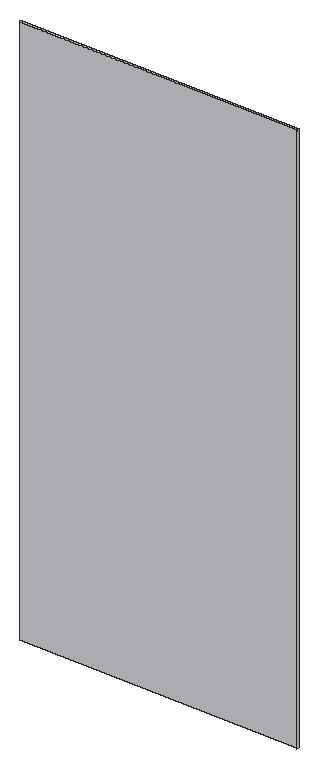
Revit family "easypanel", category Generic Models, Revit 2015
Parameters (values of type "Length=2400")
  vis.Rebateddado [instance] = and(Show Dado, Select EasyDado_Rebated)  # no
  vis.Flatdado [instance] = and(Show Dado, Select EasyDado_Flat)  # no
  easypanel_Material = none
  URL = "http://www.easycraft.com.au/products/11/easypanel"
  Show Dado [instance] = no
  Select EasyDado_Rebated [instance] = not(Select EasyDado_Flat)  # yes
  Select EasyDado_Flat [instance] = no
  Model = "easypanel"  # constant formula
  Manufacturer = "Easycraft Australia Pty Ltd ph 07 3906 7200"  # constant formula
  Length_panel = 2400 mm
  Description = "SMOOTH"  # constant formula
  Assembly Code = "EP0924"
Types (3, lengths in mm): name | Length_panel | Assembly Code
  Length=2400 | 2400 | "EP0924"
  Length=3000 | 3000 | "EP0930"
  Length=3600 | 3600 | "EP0936"
Reference planes
  plane 1 "Center (Front/Back)": y = 0
  plane 2: z = 0
  plane 3 "Center (Left/Right)": x = 0
  plane 4 "Panel_top": z = 2400
Forms (mm)
  Sweep 1, solid, material <- "easypanel_Material"
    path origin (0, 0, 0) x (-1, 0, 0) y (0, 0, 1)
      loop
        line (0, 0) -> (0, 2400)
    profile "_smooth : _smooth" origin (0, 0, 1200) x (1, 0, 0) y (0, 1, 0)
      loop
        line (0, 0) -> (0, -7)
        arc (0, -7) -> (0.586, -8.414) -> (2, -9) r 2
        line (2, -9) -> (1198, -9)
        arc (1198, -9) -> (1199.414, -8.414) -> (1200, -7) r 2
        line (1200, -7) -> (1200, 0) -> (0, 0)
Dimensions and locks
  "Length_panel": plane 4 "Panel_top" to plane 2
  aligned and locked: level to plane 2
  aligned and locked: nested 2 to plane 4 "Panel_top"
  aligned and locked: plane 1 "Center (Front/Back)" to nested 2
  aligned and locked: nested 1 to plane 4 "Panel_top"
Automatic sketch dimensions
  Sweep 1 sketch curve to plane 3 "Center (Left/Right)" = 0 mm
  Sweep 1 sketch curve to level = 0 mm
  Sweep 1 sketch curve to plane 4 "Panel_top" = 0 mm
Nested families
  nested 1: "easydado_flat" at (0, -9, 2400), visible <- "vis.Flatdado", type "Length=1200"
  nested 2: "easydado_rebated" at (0, 0, 2400), visible <- "vis.Rebateddado", type "Length=1200"
Definition of nested family "easydado_flat"
  Parameters (values of type "Length=1200")
    easydado_flat_Material = none
    URL = "http://www.easycraft.com.au/products/9/easydado"
    Model = "easydado"  # constant formula
    Manufacturer = "Easycraft Australia Pty Ltd ph 07 3906 7200"  # constant formula
    Length_dado = 1200 mm
    Description = "FLAT"  # constant formula
    Assembly Code = "DR58X28F"
  Reference planes
    plane 1 "Center (Front/Back)": y = 0
    plane 2: z = 0
    plane 3 "Center (Left/Right)": x = 0
    plane 4: x = 1200
  Forms (mm)
    Sweep 1, solid, material <- "easydado_flat_Material"
      path origin (0, 0, 0) x (1, 0, 0) y (0, 1, 0)
        loop
          line (1200, 0) -> (0, 0)
      profile "_dadoflat : Type 1" origin (600, 0, 0) x (0, -1, 0) y (0, 0, 1)
        loop
          arc (11, -21.649) -> (15.972, -19.589) -> (18.032, -14.616) r 7.032
          line (18.032, -14.616) -> (20.5, -14.616) -> (20.5, -9.616)
          arc (20.5, -9.616) -> (28, 0.905) -> (20.5, 11.426) r 11.13
          line (20.5, 11.426) -> (20.5, 14.059)
          arc (20.5, 14.059) -> (13.782, 16.841) -> (11, 23.559) r 9.5
          line (11, 23.559) -> (0, 23.559) -> (0, -29.941)
          arc (0, -29.941) -> (4.5, -34.441) -> (9, -29.941) r 4.5
          line (9, -29.941) -> (9, -27.86) -> (11, -27.86) -> (11, -21.649)
  Dimensions and locks
    "Length_dado": plane 3 "Center (Left/Right)" to plane 4
    aligned and locked: level to plane 2
  Automatic sketch dimensions
    plane 1 "Center (Front/Back)" to Sweep 1 sketch curve = 0 mm
    Sweep 1 sketch curve to plane 3 "Center (Left/Right)" = 0 mm
    Sweep 1 sketch curve to plane 4 = 0 mm
Definition of nested family "easydado_rebated"
  Parameters (values of type "Length=1200")
    easydado_rebated_Material = none
    URL = "http://www.easycraft.com.au/products/9/easydado"
    Model = "easydado"  # constant formula
    Manufacturer = "Easycraft Australia Pty Ltd ph 07 3906 7200"  # constant formula
    Length_dado = 1200 mm
    Description = "REBATED"  # constant formula
    Assembly Code = "DR48X28R"
  Types (2, lengths in mm): name | Length_dado
    Length=600 | 600
    Length=1200 | 1200
  Reference planes
    plane 1 "Center (Front/Back)": y = 0
    plane 2: z = 0
    plane 3 "Center (Left/Right)": x = 0
    plane 4: x = 1200
  Forms (mm)
    Sweep 1, solid, material <- "easydado_rebated_Material"
      path origin (0, 0, 0) x (1, 0, 0) y (0, 1, 0)
        loop
          line (1200, 0) -> (0, 0)
      profile "_profile_easydadorebated : _profile_easydadorebated" origin (600, 0, 0) x (0, -1, 0) y (0, 0, 1)
        loop
          arc (20.5, 25.5) -> (13.782, 28.282) -> (11, 35) r 9.5
          line (11, 35) -> (0, 35) -> (0, 0) -> (9, 0) -> (9, -13)
          arc (9, -13) -> (15.364, -10.364) -> (18, -4) r 9
          line (18, -4) -> (20.5, -4) -> (20.5, 1.825)
          arc (20.5, 1.825) -> (28, 12.346) -> (20.5, 22.867) r 11.13
          line (20.5, 22.867) -> (20.5, 25.5)
  Dimensions and locks
    "Length_dado": plane 3 "Center (Left/Right)" to plane 4
    aligned and locked: level to plane 2
  Automatic sketch dimensions
    plane 1 "Center (Front/Back)" to Sweep 1 sketch curve = 0 mm
    Sweep 1 sketch curve to plane 3 "Center (Left/Right)" = 0 mm
    Sweep 1 sketch curve to plane 4 = 0 mm
